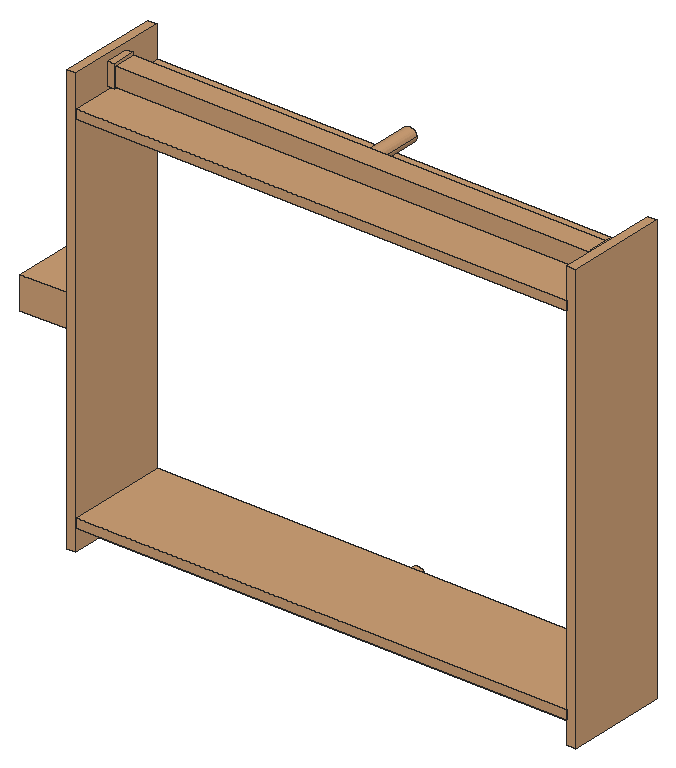
Revit family
Parameters
  Center Of Unit = 0' - 0"  # constant formula
  Water Pressure Drop [instance] = 0.00 psi
  Water Flow [instance] = 0 GPM
  Unit Weight (lbs) = 1200
  URL = "http://www.ljwing.com/"
  Water Outlet Radius = 0' - 1 1/2"
  Water Outlet Odd sizes = 0' - 0"
  Total Heating Capacity [instance] = 0.0 Btu/h
  Temperature Rise [instance] = 0 °F
  Series = "VIFB"
  Outlet Area = 58.10 SF
  Number of Rows = 1  # constant formula
  Number of Coils [instance] = 0
  Nominal Length = 9' - 3 3/16"
  Model = "VE-10"
  Manufacturer = "LJ Wing"
  Leaving Water Temperature [instance] = 0 °F
  Leaving Air Temperature [instance] = 0 °F
  Face Velocity (FPM) [instance] = 0
  Entering Water Temperature [instance] = 0 °F
  Entering Air Temperature [instance] = 0 °F
  Description = "Vertical Integral Face & Bypass Water Heating Coils"
  Hot Water Odd Sizes = 0' - 0"
  Hot Water Inlet Offset = 0' - 4 3/8"  # constant formula
  Hot Water Inlet  Radius = 0' - 1 1/2"
  Coil Face Area = Outlet Area * 0.56  # 32.536 SF
  Casing Material = ""
  Assembly Code = "D3020300"
  Air Pressure Drop [instance] = 0.00 in-wg
  Air Inlet Width = Nominal Length - 0' 4"  # 8' - 11 3/16"
  Air Inlet Height = Y  # 6' - 6"
  Air Flow [instance] = 0 CFM
  Z = 0' - 2 1/8"
  Y = 6' - 6"
  S = 0' - 6 13/16"
  Product URL = "http://www.ljwing.com/html/vifb.asp"
  OmniClass = "23-75 70 21 14"
  Nominal Height = 7' - 9 11/16"
  Nominal Depth = 1' - 10"
  R = 0' - 8 7/8"
  Q = 0' - 4 19/32"
  P = 0' - 3 3/4"
  L = 0' - 3"
Reference planes (in)
  plane 1 "Center (Front/Back)": y = 0
  plane 2: z = -39
  plane 3 "Center (Left/Right)": x = 0
  plane 4: z = 47.875
  plane 5: x = -55.59375
  plane 6: x = 55.59375
  plane 7: z = -45.8125
  plane 8: z = 0
  plane 9: y = -11
  plane 10: y = 11
  plane 11: z = 39
  plane 12: z = 41
  plane 13: z = -41
  plane 14: x = 53.59375
  plane 15: x = -53.59375
  plane 16: z = 44.125
  plane 17: z = -42.8125
  plane 18: x = -51
  plane 19: x = 51
  plane 20: y = 13.125
  plane 21: y = 15.375
  plane 22: x = -66.59375
  plane 23: x = 0
  plane 24: x = 0
  plane 25: z = 46.125
  plane 26: z = 42.125
  plane 27: y = -2.5
  plane 28: y = 2.5
  plane 29: y = -4.5
Forms (in)
  Extrusion 1, solid, material "Painted Finish"
    sketch origin (0, 6, -9.75) x (1, 0, 0) y (0, 0, 1)
      loop
        line (-55.59375, -36.0625) -> (-53.59375, -36.0625) -> (-53.59375, 57.625) -> (-55.59375, 57.625) -> (-55.59375, -36.0625)
      loop
        line (55.59375, -36.0625) -> (55.59375, 57.625) -> (53.59375, 57.625) -> (53.59375, -36.0625) -> (55.59375, -36.0625)
    from -5 to 17
  Extrusion 2, solid, material "Painted Finish"
    sketch origin (0, 6, 0) x (1, 0, 0) y (0, 0, 1)
      loop
        line (53.59375, -39) -> (-53.59375, -39) -> (-53.59375, -41) -> (53.59375, -41) -> (53.59375, -39)
      loop
        line (53.59375, 39) -> (53.59375, 41) -> (-53.59375, 41) -> (-53.59375, 39) -> (53.59375, 39)
    from -5 to 17
  Extrusion 3, solid, material "Painted Finish"
    sketch origin (0, 10, -0.5) x (1, 0, 0) y (0, 0, 1)
      loop
        line (-55.59375, 4) -> (-66.59375, 4) -> (-66.59375, -3) -> (-55.59375, -3) -> (-55.59375, 4)
    from 0 to 20
  Extrusion 4, solid, material "Painted Finish"
    sketch origin (0, 6, 0) x (1, 0, 0) y (0, 0, 1)
      loop
        line (-51.96875, 46.125) -> (-51.96875, 42.125) -> (51.96875, 42.125) -> (51.96875, 46.125) -> (-51.96875, 46.125)
    from 3.5 to 8.5
  Extrusion 5, solid, material "Painted Finish"
    sketch origin (0, 0, 0) x (1, 0, 0) y (0, 0, 1)
      loop
        line (-51.96875, 41.625) -> (-51.96875, 46.625) -> (-53.59375, 46.625) -> (-53.59375, 41.625) -> (-51.96875, 41.625)
      loop
        line (53.59375, 41.625) -> (53.59375, 46.625) -> (51.96875, 46.625) -> (51.96875, 41.625) -> (53.59375, 41.625)
    from -2.5 to 2.5
  Extrusion 6, solid, material "Painted Finish"
    sketch origin (0, 23, 0) x (1, 0, 0) y (0, 0, 1)
      loop
        circle (0, 44.125) r 1.5
    from 9.875 to 20.5
  Extrusion 7, solid, material "Painted Finish"
    sketch origin (0, 6, 0) x (1, 0, 0) y (0, 0, 1)
      loop
        line (-53.59375, -41) -> (-53.59375, -45.8125) -> (53.59375, -45.8125) -> (53.59375, -41) -> (-53.59375, -41)
    from -5 to 10.5
  Extrusion 8, solid, material "Painted Finish"
    sketch origin (0, 23, 0) x (1, 0, 0) y (0, 0, 1)
      loop
        circle (0, -42.8125) r 1.5
    from 7.625 to 12
  Extrusion 9, void
    sketch origin (0, 0, 0) x (1, 0, 0) y (0, 0, 1)
      loop
        line (-53.59375, 39) -> (-53.59375, -39) -> (53.59375, -39) -> (53.59375, 39) -> (-53.59375, 39)
    from -11 to 11
Cuts and joins
  Extrusion 9 cuts Extrusion 1
  Extrusion 9 cuts Extrusion 2
Dimensions and locks (in)
  "Nominal Length": plane 6 to plane 5
  equal spacing: plane 6, plane 3 "Center (Left/Right)", plane 5
  "S": plane 2 to plane 7
  "Nominal Depth": plane 10 to plane 9
  equal spacing: plane 10, plane 1 "Center (Front/Back)", plane 9
  "Y": plane 11 to plane 2
  "R": plane 4 to plane 11
  locked: plane 12 to plane 11 at 2
  locked: plane 2 to plane 13 at 2
  "P": plane 4 to plane 16
  "L": plane 17 to plane 7
  "Q": plane 18 to plane 5
  "Q": plane 6 to plane 19
  "Z": plane 20 to plane 10
  "Hot Water Inlet Offset": plane 21 to plane 10
  locked: plane 5 to plane 22 at 11
  locked: Extrusion 3 sketch curve to Extrusion 3 sketch curve at 7
  locked: Extrusion 3 to Extrusion 3 at 20
  locked: plane 6 to plane 14 at 2
  locked: plane 15 to plane 5 at 2
  "Water Outlet Odd sizes": plane 23 to plane 3 "Center (Left/Right)"
  "Hot Water Odd Sizes": plane 3 "Center (Left/Right)" to plane 24
  equal spacing: plane 25, plane 16, plane 26
  locked: Extrusion 5 sketch curve to plane 25 at 0.5
  locked: plane 26 to Extrusion 5 sketch curve at 0.5
  locked: Extrusion 6 sketch curve to plane 16 at 0
  locked: Extrusion 6 sketch curve to plane 23 at 0
  locked: Extrusion 8 sketch curve to plane 17 at 0
  locked: Extrusion 8 sketch curve to plane 24 at 0
  locked: plane 25 to plane 26 at 4
  locked: plane 28 to plane 27 at 5
  equal spacing: plane 28, plane 1 "Center (Front/Back)", plane 27
  locked: plane 27 to plane 29 at 2
  plane 4 to plane 7 = 7' - 9 11/16"
  locked: Extrusion 5 sketch curve to Extrusion 1 at 1.625
  locked: Extrusion 5 sketch curve to Extrusion 5 sketch curve at 1.625
  locked: Extrusion 9 sketch curve to plane 11 at 0
  locked: Extrusion 9 sketch curve to plane 15 at 0
  locked: Extrusion 9 sketch curve to plane 14 at 0
  locked: Extrusion 9 sketch curve to plane 2 at 0
  equal spacing: plane 11, plane 8, plane 2
  "Water Outlet Radius": radius of Extrusion 6 sketch curve
  "Hot Water Inlet  Radius": radius of Extrusion 8 sketch curve
  aligned and locked: Extrusion 1 to plane 9
  aligned and locked: Extrusion 1 to plane 10
  aligned and locked: Extrusion 1 to plane 15
  aligned and locked: Extrusion 1 to plane 14
  aligned and locked: Extrusion 2 to plane 9
  aligned and locked: plane 9 to Extrusion 1
  aligned and locked: plane 10 to Extrusion 1  (x2)
  aligned and locked: Extrusion 2 to plane 10
  aligned and locked: plane 10 to Extrusion 2  (x2)
  aligned and locked: plane 9 to Extrusion 2  (x2)
  aligned and locked: plane 5 to Extrusion 3
  aligned and locked: Extrusion 5 sketch curve to plane 15
  aligned and locked: Extrusion 5 sketch curve to Extrusion 4
  aligned and locked: Extrusion 6 to plane 20
  aligned and locked: Extrusion 1 to Extrusion 7
  aligned and locked: Extrusion 8 to plane 10
  aligned and locked: plane 21 to Extrusion 8
  aligned and locked: plane 27 to Extrusion 5
  aligned and locked: Extrusion 5 to Extrusion 4  (x2)
  aligned and locked: Extrusion 5 to plane 28
  aligned and locked: Extrusion 6 to Extrusion 4
  aligned and locked: Extrusion 7 to plane 29  (x2)
  aligned and locked: Extrusion 8 to Extrusion 7
  aligned and locked: Extrusion 4 to Extrusion 5  (x2)
  aligned and locked: Extrusion 5 to Extrusion 1  (x2)
  aligned and locked: plane 2 to Extrusion 2
  aligned and locked: Extrusion 1 sketch curve to plane 6
  aligned and locked: Extrusion 1 sketch curve to plane 14
  aligned and locked: Extrusion 1 sketch curve to plane 15
  aligned and locked: Extrusion 1 sketch curve to plane 5
  aligned and locked: plane 7 to Extrusion 1 sketch curve  (x2)
  aligned and locked: Extrusion 1 sketch curve to plane 4  (x2)
  aligned and locked: Extrusion 2 sketch curve to plane 11
  aligned and locked: Extrusion 2 sketch curve to plane 12
  aligned and locked: Extrusion 2 sketch curve to plane 14
  aligned and locked: Extrusion 2 sketch curve to plane 15
  aligned and locked: Extrusion 2 sketch curve to plane 13
  aligned and locked: plane 2 to Extrusion 2 sketch curve
  aligned and locked: plane 14 to Extrusion 2 sketch curve
  aligned and locked: plane 15 to Extrusion 2 sketch curve
  aligned and locked: plane 13 to Extrusion 7 sketch curve
  aligned and locked: Extrusion 7 sketch curve to plane 7
  aligned and locked: plane 14 to Extrusion 7 sketch curve
  aligned and locked: Extrusion 7 sketch curve to plane 15
  aligned and locked: cut or joined group of Extrusion 1, Extrusion 9 to plane 10
  aligned and locked: Extrusion 8 to plane 21
Automatic sketch dimensions
  Extrusion 3 sketch curve to plane 22 = 0' - 0"
  Extrusion 3 sketch curve to plane 5 = 0' - 0"
  plane 8 to Extrusion 3 sketch curve = 0' - 3 1/2"
  Extrusion 4 sketch curve to plane 25 = 0' - 0"
  Extrusion 4 sketch curve to plane 26 = 0' - 0"
  Extrusion 4 sketch curve to plane 18 = 0' - 0 31/32"
  plane 19 to Extrusion 4 sketch curve = 0' - 0 31/32"
  plane 26 to Extrusion 5 sketch curve = 0' - 0 1/2"
  Extrusion 5 sketch curve to plane 25 = 0' - 0 1/2"
Connectors (in)
  hvac at (0, -11, 0), driven by "Air Inlet Height", driven by "Air Inlet Width", driven by "Air Flow", driven by "Air Pressure Drop"
    settings: on Extrusion 9, index 1
  hvac at (0, 11, 0), driven by "Air Pressure Drop", driven by "Air Inlet Height", driven by "Air Inlet Width", driven by "Air Flow"
    settings: on Extrusion 9, index 2
  piping at (0, 13.125, 44.125), driven by "Water Flow", driven by "Water Outlet Radius", driven by "Water Pressure Drop"
    settings: on Extrusion 6, index 3
  piping at (0, 15.375, -42.8125), driven by "Water Flow", driven by "Water Pressure Drop", driven by "Hot Water Inlet  Radius"
    settings: on Extrusion 8, index 4
